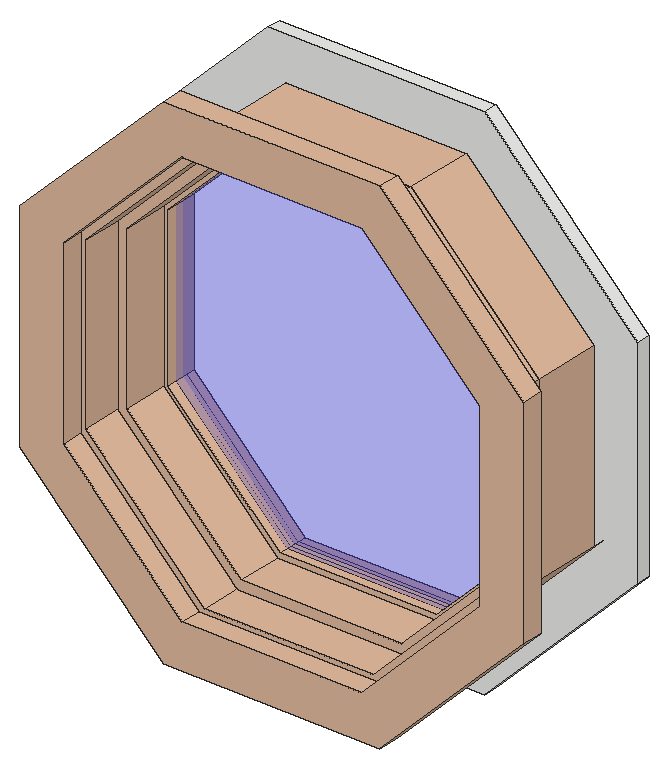
Revit family "M_Janela-fixa-octógono", category Janelas, Revit 2019
Family settings
  Hospedeiro = Parede
  Número OmniClass = 23.30.20.17.11
  Título OmniClass = Fixed Windows
  Sempre na vertical = Sim
  Corte com vazios quando carregada = Não
  Compartilhado = Não
  Ponto de cálculo do ambiente = Não
Parameters (values of type "600 x 600mm")
  Janela aplicada [instance] = 0 mm
  Espessura da parede [instance] = 150 mm
  Visual Light Transmittance = 0.81
  Resistência térmica (R) = 0.319569 (m²·K)/W
  Solar Heat Gain Coefficient = 0.76
  Rough Width = Width + 15 mm  # 615 mm
  Rough Height = Height + 15 mm  # 615 mm
  Comprimento do lado = Width / (sqrt(2) + 1)  # 248.528 mm
  Fechamento da parede interior [instance] = 54.75 mm
  Visibilidade do recorte interior [instance] = yes
  Material da apara interior = Madeira – Manchada
  Recorte interior = M_Moldura-janela-interior-plana-octógono : Quadro
  Height = Width  # 600 mm
  Material da moldura interior = Madeira – Manchada
  Coeficiente de transferência de calor (U) = 3.12929 W/(m²·K)
  Material do painel de vidro = Vidro
  Extensão do quadro [instance] = if(Visibilidade da apara externa, Janela aplicada + 6.35 mm, 6.35 mm)  # 6.35 mm
  Classificação de incêndio = "0.5h"
  Fechamento da parede externa [instance] = 31.75 mm
  Visibilidade da apara externa [instance] = yes
  Material da apara externa = Revestimento – Branco
  Apara externa = M_Moldura-janela-exterior-plana-octógono : Quadro
  Material da moldura exterior = Revestimento – Branco
  Visibilidade do umbral da extensão [instance] = and(Visibilidade do recorte interior, Espessura da parede - Janela aplicada > 95.25 mm)  # yes
  Umbral da extensão [instance] = if(Espessura da parede - Janela aplicada > 95.25 mm, Espessura da parede - Janela aplicada - 95.25 mm, 25.4 mm)  # 54.75 mm
  Altura-padrão do peitoril = 900 mm
  Fechamento da parede = Por hospedeiro
  Width = 600 mm
  Código de montagem = "B2020100"
  Construção analítica = "Vidraça dupla – residencial"
Types (6, lengths in mm): name | Rough Width | Rough Height | Comprimento do lado | Height | Width
  (no name) | 615 | 615 | 248.528 | 600 | 600
  600 x 600mm | 615 | 615 | 248.528 | 600 | 600
  900 x 900mm | 915 | 915 | 372.792 | 900 | 900
  1200 x 1200mm | 1215 | 1215 | 497.056 | 1200 | 1200
  1500 x 1500mm | 1515 | 1515 | 621.32 | 1500 | 1500
  1800 x 1800mm | 1815 | 1815 | 745.584 | 1800 | 1800
Reference planes
  plane 1 "Centro (Frente/Trás)": y = 0
  plane 2: z = 0
  plane 3 "Centro (Esquerda/Direita)": x = 0
  plane 4 "Esquerda": x = -300
  plane 5 "Direita": x = 300
  plane 6 "Peitoril": z = 900
  plane 7 "Superior": z = 1500
  plane 8 "Inset Face": y = 75
  plane 9 "Fechamento da parede": y = -20.25
  plane 10 "Face do caixilho": y = 87.7
  plane 11 "Exterior": y = 75
  plane 12: x = 287.3
  plane 13: x = -287.3
  plane 14: z = 1487.3
  plane 15: z = 912.7
  plane 16: x = 261.9
  plane 17: x = -261.9
  plane 18: z = 1461.9
  plane 19: z = 938.1
  plane 20: y = 55.95
  plane 21 "Vidro": y = 65.475
  plane 22 "Meio": z = 1200
  plane 23: y = 94.05
  plane 24: y = 94.05
  plane 25 "Interior": y = -75
  plane 26 "Umbral": y = -20.25
  plane 27: x = 124.264
  plane 28: x = -124.264
  plane 29: z = 1324.264
  plane 30: z = 1075.736
  plane 31: y = -20.25
  plane 32: y = 43.25
  plane 33: y = 94.05
Forms (mm)
  Sweep 1, solid, material "Madeira – Manchada" <- "Material da moldura interior"
    path origin (0, 87.7, 0) x (-1, 0, 0) y (0, 0, 1)
      loop
        line (-300, 1075.736) -> (-124.264, 900) -> (124.264, 900) -> (300, 1075.736) -> (300, 1324.264) -> (124.264, 1500) -> (-124.264, 1500) -> (-300, 1324.264) -> (-300, 1075.736)
    profile origin (300, 87.7, 1200) x (1, 0, 0) y (0, 1, 0)
      loop
        line (0, 6.35) -> (-12.7, 6.35) -> (-12.7, -44.45) -> (-31.75, -44.45) -> (-31.75, -107.95) -> (0, -107.95) -> (0, 6.35)
  Extrusion 2, solid, material "Madeira – Manchada" <- "Material da moldura interior", visible <- "Visibilidade do umbral da extensão"
    sketch origin (0, 0, 0) x (1, 0, 0) y (0, 0, 1)
      loop
        line (300, 1075.736) -> (300, 1324.264) -> (124.264, 1500) -> (-124.264, 1500) -> (-300, 1324.264) -> (-300, 1075.736) -> (-124.264, 900) -> (124.264, 900) -> (300, 1075.736)
      loop
        line (280.95, 1083.627) -> (280.95, 1316.373) -> (116.373, 1480.95) -> (-116.373, 1480.95) -> (-280.95, 1316.373) -> (-280.95, 1083.627) -> (-116.373, 919.05) -> (116.373, 919.05) -> (280.95, 1083.627)
    from 20.25 to 75
  Sweep 3, solid, material "Madeira – Manchada" <- "Material da moldura interior"
    path origin (0, 87.7, 0) x (-1, 0, 0) y (0, 0, 1)
      loop
        line (-287.3, 1080.996) -> (-119.004, 912.7) -> (119.004, 912.7) -> (287.3, 1080.996) -> (287.3, 1319.004) -> (119.004, 1487.3) -> (-119.004, 1487.3) -> (-287.3, 1319.004) -> (-287.3, 1080.996)
    profile origin (287.3, 87.7, 1200) x (1, 0, 0) y (0, 1, 0)
      loop
        line (0, 0) -> (-25.4, 0) -> (-25.4, -44.45) -> (0, -44.45) -> (0, 0)
  Extrusion 4, solid, material "Vidro" <- "Material do painel de vidro"
    sketch origin (-697.666, 65.475, 1219.2) x (-1, 0, 0) y (0, 0, 1)
      loop
        line (-959.566, -127.683) -> (-806.148, -281.1) -> (-589.183, -281.1) -> (-435.766, -127.683) -> (-435.766, 89.283) -> (-589.183, 242.7) -> (-806.148, 242.7) -> (-959.566, 89.283) -> (-959.566, -127.683)
    from 3.175 to 9.525
  Extrusion 5, solid, material "Vidro" <- "Material do painel de vidro"
    sketch origin (-697.666, 65.475, 1219.2) x (-1, 0, 0) y (0, 0, 1)
      loop
        line (-959.566, -127.683) -> (-806.148, -281.1) -> (-589.183, -281.1) -> (-435.766, -127.683) -> (-435.766, 89.283) -> (-589.183, 242.7) -> (-806.148, 242.7) -> (-959.566, 89.283) -> (-959.566, -127.683)
    from -3.175 to -9.525
Lines and regions (mm)
  Opening 1
    outline origin (-1524, -75, 0) x (1, 0, 0) y (0, 0, 1)
      loop
        line (1224, 1324.264) -> (1224, 1075.736) -> (1399.736, 900) -> (1648.264, 900) -> (1824, 1075.736) -> (1824, 1324.264) -> (1648.264, 1500) -> (1399.736, 1500) -> (1224, 1324.264)
  Split face 1
    outline origin (108.483, 43.25, 938.1) x (0.707107, 0, 0.707107) y (0, 1, 0)
      loop
        line (216.965, 31.75) -> (0, 31.75)
  Split face 2
    outline origin (261.9, 43.25, 1091.517) x (0, 0, 1) y (0, 1, 0)
      loop
        line (216.965, 31.75) -> (0, 31.75)
  Split face 3
    outline origin (261.9, 43.25, 1308.483) x (-0.707107, 0, 0.707107) y (0, 1, 0)
      loop
        line (216.965, 31.75) -> (0, 31.75)
  Split face 4
    outline origin (-261.9, 43.25, 1091.517) x (0.707107, 0, -0.707107) y (0, 1, 0)
      loop
        line (0, 31.75) -> (216.965, 31.75)
  Split face 5
    outline origin (-261.9, 43.25, 1308.483) x (0, 0, -1) y (0, 1, 0)
      loop
        line (0, 31.75) -> (216.965, 31.75)
  Split face 6
    outline origin (-108.483, 43.25, 1461.9) x (-0.707107, 0, -0.707107) y (0, 1, 0)
      loop
        line (0, 31.75) -> (216.965, 31.75)
  Split face 7
    outline origin (108.483, 43.25, 1461.9) x (0, 1, 0) y (-1, 0, 0)
      loop
        line (31.75, 0) -> (31.75, 216.965)
  Split face 8
    outline origin (-108.483, 43.25, 938.1) x (1, 0, 0) y (0, 1, 0)
      loop
        line (216.965, 31.75) -> (0, 31.75)
Text (mm)
  text "EXTERIOR" at (-1490.695, 1293.036, 0), in view "Nível de referência"
  text "INTERIOR" at (-1490.695, -959.266, 0), in view "Nível de referência"
  text "Exterior" at (0, 1108.87, 3129.179), in view "Esquerda"
  text "Exterior" at (0, 464.664, 3176.206), in view "Direita"
Dimensions and locks
  equal spacing: plane 4 "Esquerda", plane 3 "Centro (Esquerda/Direita)", plane 5 "Direita"
  "Width": plane 4 "Esquerda" to plane 5 "Direita"
  "Height": plane 6 "Peitoril" to plane 7 "Superior"
  "Altura-padrão do peitoril": plane 2 to plane 6 "Peitoril"
  locked: plane 10 "Face do caixilho" to plane 8 "Inset Face" at 12.7
  "Espessura da parede": host wall to host wall
  "Janela aplicada": plane 11 "Exterior" to plane 8 "Inset Face"
  locked: Sweep 1 sketch curve to plane 5 "Direita" at 31.75
  locked: Sweep 1 sketch curve to plane 5 "Direita" at 12.7
  locked: plane 10 "Face do caixilho" to Sweep 1 sketch curve at 44.45
  locked: plane 12 to plane 5 "Direita" at 12.7
  locked: plane 4 "Esquerda" to plane 13 at 12.7
  locked: plane 14 to plane 7 "Superior" at 12.7
  locked: plane 6 "Peitoril" to plane 15 at 12.7
  locked: plane 16 to plane 12 at 25.4
  locked: plane 13 to plane 17 at 25.4
  locked: plane 18 to plane 14 at 25.4
  locked: plane 15 to plane 19 at 25.4
  locked: Extrusion 2 sketch curve to plane 5 "Direita" at 19.05
  locked: Extrusion 2 sketch curve to plane 4 "Esquerda" at 19.05
  locked: plane 6 "Peitoril" to Extrusion 2 sketch curve at 19.05
  equal spacing: plane 8 "Inset Face", plane 21 "Vidro", plane 20
  locked: plane 8 "Inset Face" to plane 20 at 19.05
  equal spacing: plane 6 "Peitoril", plane 22 "Meio", plane 7 "Superior"
  locked: plane 23 to plane 11 "Exterior" at 19.05
  locked: plane 24 to plane 10 "Face do caixilho" at 6.35
  "Umbral da extensão": plane 26 "Umbral" to plane 25 "Interior"
  locked: plane 8 "Inset Face" to plane 9 "Fechamento da parede" at 95.25
  equal spacing: plane 28, plane 3 "Centro (Esquerda/Direita)", plane 27
  "Comprimento do lado": plane 28 to plane 27
  equal spacing: plane 30, plane 22 "Meio", plane 29
  "Comprimento do lado": plane 30 to plane 29
  locked: Extrusion 2 sketch curve to plane 7 "Superior" at 19.05
  "Fechamento da parede interior": plane 31 to plane 25 "Interior"
  "Fechamento da parede externa": plane 11 "Exterior" to plane 32
  "Extensão do quadro": plane 33 to plane 10 "Face do caixilho"
  aligned and locked: plane 6 "Peitoril" to Opening 1 sketch curve  (x2)
  aligned and locked: level to plane 2
  aligned and locked: host wall to plane 11 "Exterior"
  aligned and locked: Sweep 1 sketch curve to plane 4 "Esquerda"
  aligned and locked: Sweep 1 sketch curve to plane 6 "Peitoril"
  aligned and locked: Extrusion 2 sketch curve to host wall  (x3)
  aligned and locked: host wall to Extrusion 2
  aligned and locked: plane 15 to Sweep 3 sketch curve
  aligned and locked: plane 25 "Interior" to host wall
  aligned and locked: plane 26 "Umbral" to Extrusion 2
  aligned and locked: plane 9 "Fechamento da parede" to Sweep 1
  aligned and locked: nested 1 to plane 4 "Esquerda"
  aligned and locked: plane 11 "Exterior" to nested 1
  aligned and locked: plane 12 to Sweep 3 sketch curve
  aligned and locked: plane 16 to Sweep 3 sketch curve
  aligned and locked: plane 17 to Extrusion 4 sketch curve
  aligned and locked: Extrusion 4 sketch curve to plane 19
  aligned and locked: plane 16 to Extrusion 5 sketch curve
  aligned and locked: Extrusion 5 sketch curve to plane 19
  aligned and locked: plane 17 to Extrusion 5 sketch curve
  aligned and locked: Sweep 3 sketch curve to plane 13
  aligned and locked: Sweep 3 sketch curve to plane 14
  aligned and locked: Extrusion 4 sketch curve to plane 18
  aligned and locked: plane 16 to Extrusion 4 sketch curve
  aligned and locked: plane 7 "Superior" to Sweep 1 sketch curve  (x2)
  aligned and locked: plane 27 to Sweep 1 sketch curve  (x2)
  aligned and locked: plane 28 to Sweep 1 sketch curve  (x2)
  aligned and locked: plane 5 "Direita" to Sweep 1 sketch curve  (x2)
  aligned and locked: plane 29 to Sweep 1 sketch curve  (x2)
  aligned and locked: plane 30 to Sweep 1 sketch curve  (x2)
  aligned and locked: plane 4 "Esquerda" to Sweep 1 sketch curve
  aligned and locked: plane 6 "Peitoril" to Sweep 1 sketch curve
  aligned and locked: plane 7 "Superior" to Extrusion 2 sketch curve  (x2)
  aligned and locked: plane 27 to Extrusion 2 sketch curve  (x2)
  aligned and locked: plane 28 to Extrusion 2 sketch curve  (x2)
  aligned and locked: plane 29 to Extrusion 2 sketch curve  (x2)
  aligned and locked: plane 5 "Direita" to Extrusion 2 sketch curve
  aligned and locked: plane 30 to Extrusion 2 sketch curve  (x2)
  aligned and locked: plane 4 "Esquerda" to Extrusion 2 sketch curve
  aligned and locked: plane 6 "Peitoril" to Extrusion 2 sketch curve
  aligned and locked: plane 7 "Superior" to Opening 1 sketch curve  (x2)
  aligned and locked: plane 27 to Opening 1 sketch curve  (x2)
  aligned and locked: plane 29 to Opening 1 sketch curve  (x2)
  aligned and locked: plane 5 "Direita" to Opening 1 sketch curve  (x2)
  aligned and locked: plane 4 "Esquerda" to Opening 1 sketch curve  (x2)
  aligned and locked: plane 28 to Opening 1 sketch curve  (x2)
  aligned and locked: plane 30 to Opening 1 sketch curve  (x2)
  aligned and locked: plane 10 "Face do caixilho" to Sweep 3 sketch curve
  aligned and locked: plane 8 "Inset Face" to Split face 1 sketch curve
  aligned and locked: plane 19 to Split face 1 sketch curve
  aligned and locked: plane 8 "Inset Face" to Split face 2 sketch curve
  aligned and locked: plane 8 "Inset Face" to Split face 3 sketch curve
  aligned and locked: Split face 4 sketch curve to plane 8 "Inset Face"
  aligned and locked: Split face 5 sketch curve to plane 8 "Inset Face"
  aligned and locked: Split face 6 sketch curve to plane 8 "Inset Face"
  aligned and locked: plane 8 "Inset Face" to Split face 7 sketch curve
  aligned and locked: plane 8 "Inset Face" to Split face 8 sketch curve
  aligned and locked: plane 7 "Superior" to nested 1
  aligned and locked: plane 7 "Superior" to nested 3
  aligned and locked: plane 3 "Centro (Esquerda/Direita)" to nested 3
  aligned and locked: plane 7 "Superior" to nested 2
  aligned and locked: nested 2 to plane 3 "Centro (Esquerda/Direita)"
  aligned and locked: plane 33 to Sweep 1 sketch curve
Automatic sketch dimensions
  Sweep 1 sketch curve to profile plane = 0 mm
  Sweep 1 sketch curve to Sweep 1 sketch curve = 63.5 mm
  Sweep 3 sketch curve to profile plane = 0 mm
  Sweep 3 sketch curve to plane 10 "Face do caixilho" = 44.45 mm
  plane 27 to Sweep 3 sketch curve = 5.261 mm  (x2)
  Sweep 3 sketch curve to plane 28 = 5.261 mm  (x2)
  Sweep 3 sketch curve to plane 29 = 5.261 mm  (x2)
  plane 30 to Sweep 3 sketch curve = 5.261 mm  (x2)
  Extrusion 5 sketch curve to plane 18 = 0 mm
  Extrusion 2 sketch curve to plane 28 = 7.891 mm  (x2)
  plane 27 to Extrusion 2 sketch curve = 7.891 mm  (x2)
  plane 30 to Extrusion 2 sketch curve = 7.891 mm  (x2)
  Extrusion 2 sketch curve to plane 29 = 7.891 mm  (x2)
  plane 27 to Extrusion 4 sketch curve = 15.782 mm  (x2)
  Extrusion 4 sketch curve to plane 28 = 15.782 mm  (x2)
  plane 30 to Extrusion 4 sketch curve = 15.782 mm  (x2)
  Extrusion 4 sketch curve to plane 29 = 15.782 mm  (x2)
  plane 27 to Extrusion 5 sketch curve = 15.782 mm  (x2)
  Extrusion 5 sketch curve to plane 28 = 15.782 mm  (x2)
  plane 30 to Extrusion 5 sketch curve = 15.782 mm  (x2)
  Extrusion 5 sketch curve to plane 29 = 15.782 mm  (x2)
  Split face 1 sketch curve to Sweep 3 = 0 mm  (x2)
  Sweep 3 to Split face 2 sketch curve = 0 mm
  Split face 2 sketch curve to Sweep 3 = 0 mm
  Split face 3 sketch curve to Sweep 3 = 0 mm  (x2)
  Split face 4 sketch curve to Sweep 3 = 0 mm  (x2)
  Split face 5 sketch curve to Sweep 3 = 0 mm
  Sweep 3 to Split face 5 sketch curve = 0 mm
  Split face 6 sketch curve to Sweep 3 = 0 mm  (x2)
  Split face 7 sketch curve to Sweep 3 = 0 mm  (x2)
  Split face 8 sketch curve to Sweep 3 = 0 mm  (x2)
Nested families
  nested 1: "M_Plana-fixa" at (0, 75, 900) x (-1, 0, 0) z (0, 0, 1), Width <- "Width", Janela aplicada <- "Janela aplicada", Espessura da parede <- "Espessura da parede", Height <- "Height", type "M_Plana-fixa"
    with Janela aplicada de 3D 0 mm, Janela aplicada 0 mm, Width 600 mm, Espessura da parede 150 mm, Height 600 mm
  nested 2: "M_Moldura-janela-exterior-plana-octógono" at (0, 75, 1500) x (-1, 0, 0) z (0, 1, 0), visible <- "Visibilidade da apara externa", Material da apara <- "Material da apara externa", Largura da abertura <- "Width", type <- "Apara externa", type "Quadro"
    with Material da apara Revestimento – Branco, Largura da abertura 600 mm, Altura da abertura 600 mm, Comprimento do lado 248.528 mm
  nested 3: "M_Moldura-janela-interior-plana-octógono" at (0, -75, 1500) x (1, 0, 0) z (0, -1, 0), visible <- "Visibilidade do recorte interior", Material da apara <- "Material da apara interior", Largura da abertura <- "Width", type <- "Recorte interior", type "Quadro"
    with Material da apara Madeira – Manchada, Largura da abertura 600 mm, Altura da abertura 600 mm, Comprimento do lado 248.528 mm
Definition of nested family "M_Moldura-janela-exterior-plana-octógono"
  Parameters (values of type "Quadro")
    Largura da apara = 60 mm
    Espessura da apara = 19.05 mm
    Material da apara [instance] = none
    Largura da abertura [instance] = 600 mm
    Altura da abertura [instance] = Largura da abertura  # 600 mm
    Comprimento do lado [instance] = Largura da abertura / (sqrt(2) + 1)  # 248.528 mm
    Default Elevation = 1200 mm
  Reference planes
    plane 1 "Centro (Frente/Trás)": y = 0
    plane 2: z = 0
    plane 3 "Centro (Esquerda/Direita)": x = 0
    plane 4: y = 60
    plane 5 "Esquerda": x = -300
    plane 6 "Direita": x = 300
    plane 7 "Inferior": y = -600
    plane 8: x = 360
    plane 9: x = -360
    plane 10: z = 19.05
    plane 11: y = -660
    plane 12: y = -175.736
    plane 13: y = -424.264
    plane 14: y = -300
    plane 15: x = -124.264
    plane 16: x = 124.264
  Forms (mm)
    Extrusion 1, solid
      sketch origin (0, 0, 0) x (1, 0, 0) y (0, 1, 0)
        loop
          line (-361.95, 57.15) -> (-361.95, -666.75) -> (361.95, -666.75) -> (361.95, 57.15) -> (-361.95, 57.15)
      from 0 to -304.8
    Extrusion 2, solid, material <- "Material da apara"
      sketch origin (0, 0, 0) x (1, 0, 0) y (0, 1, 0)
        loop
          line (-300, -424.264) -> (-124.264, -600) -> (124.264, -600) -> (300, -424.264) -> (300, -175.736) -> (124.264, 0) -> (-124.264, 0) -> (-300, -175.736) -> (-300, -424.264)
        loop
          line (-360, -449.117) -> (-149.117, -660) -> (149.117, -660) -> (360, -449.117) -> (360, -150.883) -> (149.117, 60) -> (-149.117, 60) -> (-360, -150.883) -> (-360, -449.117)
      from 0 to 19.05
  Dimensions and locks
    equal spacing: plane 5 "Esquerda", plane 3 "Centro (Esquerda/Direita)", plane 6 "Direita"
    "Largura da abertura": plane 5 "Esquerda" to plane 6 "Direita"
    "Altura da abertura": plane 7 "Inferior" to plane 1 "Centro (Frente/Trás)"
    "Largura da apara": plane 9 to plane 5 "Esquerda"
    "Largura da apara": plane 6 "Direita" to plane 8
    "Largura da apara": plane 1 "Centro (Frente/Trás)" to plane 4
    "Largura da apara": plane 11 to plane 7 "Inferior"
    "Espessura da apara": plane 10 to plane 2
    equal spacing: plane 7 "Inferior", plane 14, plane 1 "Centro (Frente/Trás)"
    equal spacing: plane 12, plane 14, plane 13
    "Comprimento do lado": plane 12 to plane 13
    equal spacing: plane 15, plane 3 "Centro (Esquerda/Direita)", plane 16
    "Comprimento do lado": plane 15 to plane 16
    "Largura da apara": Extrusion 2 sketch curve to Extrusion 2 sketch curve  (x4)
    aligned and locked: plane 2 to Extrusion 1
    aligned and locked: level to Extrusion 1
    aligned and locked: Extrusion 2 sketch curve to plane 11
    aligned and locked: plane 7 "Inferior" to Extrusion 2 sketch curve  (x2)
    aligned and locked: plane 8 to Extrusion 2 sketch curve
    aligned and locked: plane 5 "Esquerda" to Extrusion 2 sketch curve  (x2)
    aligned and locked: Extrusion 2 sketch curve to plane 9
    aligned and locked: plane 10 to Extrusion 2
    aligned and locked: Extrusion 2 sketch curve to plane 4
    aligned and locked: plane 15 to Extrusion 2 sketch curve  (x2)
    aligned and locked: plane 16 to Extrusion 2 sketch curve  (x2)
    aligned and locked: plane 13 to Extrusion 2 sketch curve  (x2)
    aligned and locked: plane 6 "Direita" to Extrusion 2 sketch curve  (x2)
    aligned and locked: plane 12 to Extrusion 2 sketch curve  (x2)
    aligned and locked: plane 1 "Centro (Frente/Trás)" to Extrusion 2 sketch curve  (x2)
  Automatic sketch dimensions
    Extrusion 1 sketch curve to Extrusion 1 sketch curve = 723.9 mm  (x2)
Definition of nested family "M_Moldura-janela-interior-plana-octógono"
  Parameters (values of type "Quadro")
    Espessura da apara = 30 mm
    Largura da apara = 60 mm
    Material da apara [instance] = none
    Largura da abertura [instance] = 600 mm
    Altura da abertura [instance] = Largura da abertura  # 600 mm
    Comprimento do lado [instance] = Largura da abertura / (sqrt(2) + 1)  # 248.528 mm
    Default Elevation = 1200 mm
  Reference planes
    plane 1 "Centro (Frente/Trás)": y = 0
    plane 2: z = 0
    plane 3 "Centro (Esquerda/Direita)": x = 0
    plane 4: y = 47.3
    plane 5 "Esquerda": x = -300
    plane 6 "Direita": x = 300
    plane 7 "Inferior": y = -600
    plane 8: x = 347.3
    plane 9: x = -347.3
    plane 10: z = 30
    plane 11: y = -647.3
    plane 12: z = 12.7
    plane 13: x = -287.3
    plane 14: y = -12.7
    plane 15: x = 287.3
    plane 16: y = -587.3
    plane 17: y = -175.736
    plane 18: y = -424.264
    plane 19: y = -300
    plane 20: x = -124.264
    plane 21: x = 124.264
  Forms (mm)
    Extrusion 1, solid
      sketch origin (0, 0, 0) x (1, 0, 0) y (0, 1, 0)
        loop
          line (-349.25, 44.45) -> (-349.25, -654.05) -> (349.25, -654.05) -> (349.25, 44.45) -> (-349.25, 44.45)
      from 0 to -304.8
    Extrusion 2, solid, material <- "Material da apara"
      sketch origin (0, 0, 0) x (1, 0, 0) y (0, 1, 0)
        loop
          line (-287.3, -424.264) -> (-124.264, -587.3) -> (124.264, -587.3) -> (287.3, -424.264) -> (287.3, -175.736) -> (124.264, -12.7) -> (-124.264, -12.7) -> (-287.3, -175.736) -> (-287.3, -424.264)
        loop
          line (-347.3, -449.117) -> (-149.117, -647.3) -> (149.117, -647.3) -> (347.3, -449.117) -> (347.3, -150.883) -> (149.117, 47.3) -> (-149.117, 47.3) -> (-347.3, -150.883) -> (-347.3, -449.117)
      from 0 to 30
  Dimensions and locks
    equal spacing: plane 5 "Esquerda", plane 3 "Centro (Esquerda/Direita)", plane 6 "Direita"
    "Largura da abertura": plane 5 "Esquerda" to plane 6 "Direita"
    "Altura da abertura": plane 7 "Inferior" to plane 1 "Centro (Frente/Trás)"
    "Largura da apara": plane 9 to plane 13
    "Largura da apara": plane 15 to plane 8
    "Largura da apara": plane 14 to plane 4
    "Largura da apara": plane 11 to plane 16
    locked: plane 14 to plane 1 "Centro (Frente/Trás)" at 12.7
    locked: plane 5 "Esquerda" to plane 13 at 12.7
    locked: plane 15 to plane 6 "Direita" at 12.7
    locked: plane 16 to plane 7 "Inferior" at 12.7
    "Espessura da apara": plane 10 to plane 2
    equal spacing: plane 14, plane 19, plane 16
    equal spacing: plane 17, plane 19, plane 18
    "Comprimento do lado": plane 17 to plane 18
    equal spacing: plane 20, plane 3 "Centro (Esquerda/Direita)", plane 21
    "Comprimento do lado": plane 20 to plane 21
    "Largura da apara": Extrusion 2 sketch curve to Extrusion 2 sketch curve  (x4)
    aligned and locked: plane 2 to Extrusion 1
    aligned and locked: level to Extrusion 1
    aligned and locked: Extrusion 2 sketch curve to plane 11
    aligned and locked: plane 10 to Extrusion 2
    aligned and locked: plane 16 to Extrusion 2 sketch curve  (x2)
    aligned and locked: Extrusion 2 sketch curve to plane 14
    aligned and locked: Extrusion 2 sketch curve to plane 4
    aligned and locked: plane 20 to Extrusion 2 sketch curve  (x2)
    aligned and locked: plane 14 to Extrusion 2 sketch curve
    aligned and locked: plane 21 to Extrusion 2 sketch curve  (x2)
    aligned and locked: plane 17 to Extrusion 2 sketch curve  (x2)
    aligned and locked: plane 15 to Extrusion 2 sketch curve  (x2)
    aligned and locked: plane 13 to Extrusion 2 sketch curve  (x2)
    aligned and locked: plane 18 to Extrusion 2 sketch curve  (x2)
    aligned and locked: plane 11 to Extrusion 2 sketch curve
    aligned and locked: plane 4 to Extrusion 2 sketch curve
    aligned and locked: plane 9 to Extrusion 2 sketch curve  (x2)
    aligned and locked: plane 8 to Extrusion 2 sketch curve  (x2)
  Automatic sketch dimensions
    Extrusion 1 sketch curve to Extrusion 1 sketch curve = 698.5 mm  (x2)
Definition of nested family "M_Plana-fixa"
  Parameters (values of type "M_Plana-fixa")
    Janela aplicada [instance] = 25 mm
    Janela aplicada de 3D [instance] = if(Janela aplicada - 12.7 mm < 0 mm, 0 mm, if(Janela aplicada - 12.7 mm < Espessura da parede - 88.9 mm, Janela aplicada - 12.7 mm, Espessura da parede - 88.9 mm))  # 12.3 mm
    Width [instance] = 1200 mm
    Espessura da parede [instance] = 150 mm
    Height [instance] = 900 mm
    Default Elevation = 1200 mm
    Analytic Construction = "<Nenhum>"
  Reference planes
    plane 1 "Centro (Frente/Trás)": y = 0
    plane 2: z = 0
    plane 3 "Centro (Esquerda/Direita)": x = 0
    plane 4: x = -600
    plane 5: x = 600
    plane 6 "Umbral": y = -101.2
    plane 7: x = -587.3
    plane 8: x = -568.25
    plane 9: y = -12.3
    plane 10: y = -56.75
    plane 11: y = -34.525
    plane 12: x = -561.9
    plane 13: x = 587.3
    plane 14: x = 568.25
    plane 15: x = 561.9
    plane 16 "Janela aplicada": y = -25
    plane 17 "Parede": y = -150
    plane 18: z = 900
    plane 19: z = 887.3
    plane 20: z = 12.7
    plane 21: z = 868.25
    plane 22: z = 31.75
    plane 23: z = 861.9
    plane 24: z = 38.1
  Lines and regions (mm)
    Masking region 1
      outline origin (0, 19.05, 0) x (1, 0, 0) y (0, 1, 0)
        loop
          line (-600, -169.05) -> (600, -169.05) -> (600, -19.05) -> (-600, -19.05) -> (-600, -169.05)
    Masking region 2
      outline origin (0, 0, 0) x (0, 1, 0) y (0, 0, 1)
        loop
          line (-150, 900) -> (-150, 0) -> (0, 0) -> (0, 900) -> (-150, 900)
    symbolic lines
      curve 1: line (-587.3, -56.75, 0) -> (-568.25, -56.75, 0)
      curve 2: line (-568.25, -56.75, 0) -> (-568.25, -101.2, 0)
      curve 3: line (-587.3, -12.3, 0) -> (-587.3, -56.75, 0)
      curve 4: line (-600, -12.3, 0) -> (-561.9, -12.3, 0)
      curve 5: line (-561.9, -12.3, 0) -> (-561.9, -56.75, 0)
      curve 6: line (-561.9, -56.75, 0) -> (-568.25, -56.75, 0)
      curve 7: line (-561.9, -34.525, 0) -> (561.9, -34.525, 0)
      curve 8: line (587.3, -56.75, 0) -> (568.25, -56.75, 0)
      curve 9: line (568.25, -56.75, 0) -> (568.25, -101.2, 0)
      curve 10: line (587.3, -12.3, 0) -> (587.3, -56.75, 0)
      curve 11: line (561.9, -12.3, 0) -> (561.9, -56.75, 0)
      curve 12: line (561.9, -56.75, 0) -> (568.25, -56.75, 0)
      curve 13: line (-600, -101.2, 0) -> (-568.25, -101.2, 0)
      curve 14: line (568.25, -101.2, 0) -> (600, -101.2, 0)
      curve 15: line (0, -12.3, 887.3) -> (0, -56.75, 887.3)
      curve 16: line (0, -56.75, 868.25) -> (0, -101.2, 868.25)
      curve 17: line (0, -101.2, 0) -> (0, -101.2, 31.75)
      curve 18: line (0, -12.3, 12.7) -> (0, -56.75, 12.7)
      curve 19: line (0, -56.75, 12.7) -> (0, -56.75, 38.1)
      curve 20: line (0, -56.75, 31.75) -> (0, -101.2, 31.75)
      curve 21: line (0, -12.3, 900) -> (0, -12.3, 861.9)
      curve 22: line (0, -12.3, 861.9) -> (0, -56.75, 861.9)
      curve 23: line (0, -56.75, 38.1) -> (0, -12.3, 38.1)
      curve 24: line (0, -34.525, 38.1) -> (0, -34.525, 861.9)
      curve 25: line (0, -56.75, 887.3) -> (0, -56.75, 861.9)
      curve 26: line (561.9, -12.3, 0) -> (600, -12.3, 0)
      curve 27: line (0, -101.2, 868.25) -> (0, -101.2, 900)
      curve 28: line (0, -12.3, 38.1) -> (0, -12.3, 0)
      curve 29: line (-561.9, -12.3, 0) -> (561.9, -12.3, 0)
      curve 30: line (568.25, -101.2, 0) -> (-568.25, -101.2, 0)
      curve 31: line (0, -12.3, 861.9) -> (0, -12.3, 38.1)
      curve 32: line (0, -101.2, 31.75) -> (0, -101.2, 868.25)
  Dimensions and locks
    "Width": plane 4 to plane 5
    equal spacing: plane 4, plane 3 "Centro (Esquerda/Direita)", plane 5
    plane 4 to plane 7 to plane 8 = 12.7 mm locked, 19.05 mm locked
    equal spacing: plane 9, plane 11, plane 10
    plane 5 to plane 13 to plane 14 = 12.7 mm locked, 19.05 mm locked
    locked: plane 9 to plane 16 "Janela aplicada" at 12.7
    locked: plane 9 to plane 10 at 44.45
    "Espessura da parede": plane 17 "Parede" to plane 1 "Centro (Frente/Trás)"
    "Height": plane 18 to plane 2
    locked: plane 18 to plane 19 at 12.7
    locked: plane 20 to plane 2 at 12.7
    locked: plane 19 to plane 21 at 19.05
    locked: plane 22 to plane 20 at 19.05
    locked: plane 10 to plane 6 "Umbral" at 44.45
    "Janela aplicada de 3D": plane 9 to plane 1 "Centro (Frente/Trás)"
    locked: plane 7 to plane 12 at 25.4
    locked: plane 15 to plane 13 at 25.4
    locked: plane 19 to plane 23 at 25.4
    locked: plane 24 to plane 20 at 25.4
    aligned and locked: plane 2 to level
    aligned and locked: curve 2 to plane 8
    aligned and locked: curve 1 to plane 10
    aligned and locked: plane 4 to Masking region 1 sketch curve
    aligned and locked: Masking region 1 sketch curve to plane 5
    aligned and locked: plane 14 to curve 9
    aligned and locked: Masking region 1 sketch curve to plane 17 "Parede"
    aligned and locked: curve 13 to plane 6 "Umbral"
    aligned and locked: curve 14 to plane 6 "Umbral"
    aligned and locked: plane 1 "Centro (Frente/Trás)" to Masking region 1 sketch curve
    aligned and locked: Masking region 2 sketch curve to plane 18
    aligned and locked: plane 17 "Parede" to Masking region 2 sketch curve
    aligned and locked: level to Masking region 2 sketch curve
    aligned and locked: plane 6 "Umbral" to curve 17
    aligned and locked: plane 21 to curve 16
    aligned and locked: plane 19 to curve 15
    aligned and locked: plane 22 to curve 20
    aligned and locked: plane 10 to curve 19  (x2)
    aligned and locked: plane 20 to curve 18
    aligned and locked: curve 21 to plane 9
    aligned and locked: plane 23 to curve 22
    aligned and locked: curve 23 to plane 24
    aligned and locked: plane 11 to curve 24
    aligned and locked: plane 4 to curve 4
    aligned and locked: plane 5 to curve 26
    aligned and locked: plane 18 to curve 21
    aligned and locked: plane 9 to curve 15
    aligned and locked: plane 9 to curve 18
    aligned and locked: plane 2 to curve 28
    aligned and locked: plane 9 to curve 3
    aligned and locked: plane 9 to curve 10
    aligned and locked: curve 25 to plane 10
    aligned and locked: plane 19 to curve 25
    aligned and locked: plane 23 to curve 25
    aligned and locked: plane 2 to curve 17
    aligned and locked: curve 26 to plane 9
    aligned and locked: curve 4 to plane 9
    aligned and locked: curve 5 to plane 12
    aligned and locked: plane 15 to curve 11
    aligned and locked: curve 7 to plane 11
    aligned and locked: curve 12 to plane 10
    aligned and locked: plane 10 to curve 8
    aligned and locked: plane 6 "Umbral" to curve 27
  Automatic sketch dimensions
    Masking region 2 sketch curve to plane 1 "Centro (Frente/Trás)" = 0 mm
    curve 13 to plane 4 = 0 mm
    curve 3 to plane 7 = 0 mm
    curve 10 to plane 13 = 0 mm
    curve 14 to plane 5 = 0 mm
    curve 18 to plane 20 = 0 mm
    curve 27 to plane 18 = 0 mm
